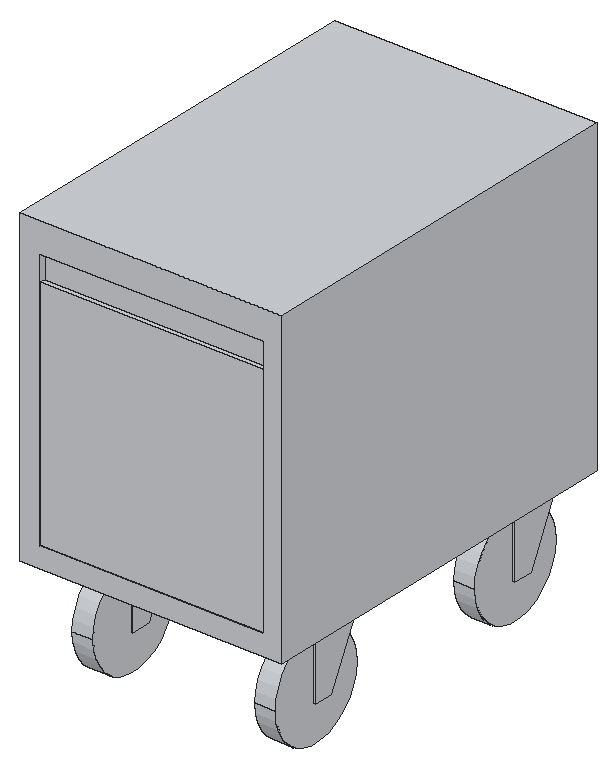
Revit family "Cupboard for 650 on castors", category Specialty Equipment, Revit 2025
Family settings
  Round Connector Dimension = Use Diameter
  Part Type = Normal
  OmniClass Number = 23.40.40.14.17.17
  OmniClass Title = Ranges
  Work Plane-Based = No
  Enable Cutting in Views = No
  Always vertical = Yes
  Cut with Voids When Loaded = No
  Maintain Annotation Orientation = No
  Shared = No
  Room Calculation Point = No
Parameters (values of type "Cupboard for 650 on castors")
  Width = 400 mm
  Weight = ""
  URL Cutsheet = ""
  URL = ""
  Specification by User [instance] = ""
  Specification by Manufacturer = ""
  Serial Number = ""
  Seismic Rating = ""
  SMACNA No = ""
  NAFEM Spec ID Number = ""
  Model = "650 on castors"
  Masterspec = ""
  Manufacturer = "ADVENTYS"
  Item Number [instance] = ""
  Installed By [instance] = ""
  Height = 246.5 mm
  HP = ""
  Furnished By [instance] = ""
  Foodservice Equipment Identifier [instance] = yes
  Description = "Cupboard for 650 on castors"
  Depth = 600 mm
  Default Elevation = 0 mm
  CSI MasterFormat = ""
Reference planes
  plane 1 "BACK": y = 0
  plane 2: z = 0
  plane 3 "LEFT": x = 0
  plane 4 "RIGHT": x = 400
  plane 5 "FRONT": y = -600
  plane 6 "TOP": z = 900
  plane 7: z = 653.5
  plane 8: z = 177.5
  plane 9: z = 77.5
Forms (mm)
  Extrusion 1, solid
    sketch origin (0, 0, 50) x (0, 1, 0) y (0, 0, 1)
      loop
        line (0, 603.5) -> (-600, 603.5) -> (-600, 127.5) -> (0, 127.5) -> (0, 603.5)
    from 0 to 400
  Extrusion 2, void
    sketch origin (0, 0, 0) x (0, 1, 0) y (0, 0, 1)
      loop
        line (-600, 608.5) -> (-600, 208.5) -> (-598.496, 208.5) -> (-598.496, 568.5) -> (-590, 568.5) -> (-590, 608.5) -> (-600, 608.5)
    from 29.298 to 371.9
  Extrusion 3, solid
    sketch origin (0, 42.225, 0) x (0, 1, 0) y (0, 0, 1)
      loop
        circle (-141.432, 77.5) r 77.5
    from 44.906 to 76.329
  Extrusion 4, solid
    sketch origin (0, 0, 0) x (0, 1, 0) y (0, 0, 1)
      loop
        line (-15, 177.5) -> (-105, 177.5) -> (-105, 57.5) -> (-75, 57.5) -> (-15, 177.5)
    from 40.929 to 80.288
  Extrusion 5, solid
    sketch origin (400, 42.225, 0) x (0, 1, 0) y (0, 0, -1)
      loop
        circle (-141.432, -77.5) r 77.5
    from 44.906 to 76.329
  Extrusion 6, solid
    sketch origin (400, 0, 0) x (0, 1, 0) y (0, 0, -1)
      loop
        line (-15, -177.5) -> (-75, -57.5) -> (-105, -57.5) -> (-105, -177.5) -> (-15, -177.5)
    from 40.929 to 80.288
  Extrusion 7, solid
    sketch origin (0, -337.775, 0) x (0, 1, 0) y (0, 0, 1)
      loop
        circle (-141.432, 77.5) r 77.5
    from 44.906 to 76.329
  Extrusion 8, solid
    sketch origin (0, -380, 0) x (0, 1, 0) y (0, 0, 1)
      loop
        line (-15, 177.5) -> (-105, 177.5) -> (-105, 57.5) -> (-75, 57.5) -> (-15, 177.5)
    from 40.929 to 80.288
  Extrusion 9, solid
    sketch origin (400, -337.775, 0) x (0, 1, 0) y (0, 0, -1)
      loop
        circle (-141.432, -77.5) r 77.5
    from 44.906 to 76.329
  Extrusion 10, solid
    sketch origin (400, -380, 0) x (0, 1, 0) y (0, 0, -1)
      loop
        line (-15, -177.5) -> (-75, -57.5) -> (-105, -57.5) -> (-105, -177.5) -> (-15, -177.5)
    from 40.929 to 80.288
Cuts and joins
  Extrusion 2 cuts Extrusion 1
Dimensions and locks
  "Width": plane 4 "RIGHT" to plane 3 "LEFT"
  "Height": plane 7 to plane 6 "TOP"
  "Depth": plane 5 "FRONT" to plane 1 "BACK"
  plane 6 "TOP" to level = 900 mm
  plane 7 to level = 653.5 mm
  plane 8 to level = 177.5 mm
  aligned and locked: level to plane 2
Automatic sketch dimensions
  Extrusion 1 sketch curve to plane 5 "FRONT" = 0 mm
  Extrusion 1 sketch curve to plane 1 "BACK" = 0 mm
  Extrusion 1 sketch curve to plane 8 = 0 mm
  Extrusion 1 sketch curve to plane 7 = 0 mm
  Extrusion 2 sketch curve to plane 5 "FRONT" = 0 mm
  Extrusion 2 sketch curve to plane 5 "FRONT" = 1.504 mm
  Extrusion 2 sketch curve to plane 5 "FRONT" = 10 mm
  plane 8 to Extrusion 2 sketch curve = 31 mm
  Extrusion 2 sketch curve to plane 7 = 85 mm
  Extrusion 2 sketch curve to Extrusion 2 sketch curve = 40 mm
  Extrusion 3 sketch curve to plane 9 = 0 mm
  plane 1 "BACK" to Extrusion 3 sketch curve = 99.207 mm
  Extrusion 4 sketch curve to plane 8 = 0 mm
  plane 1 "BACK" to Extrusion 4 sketch curve = 105 mm
  Extrusion 4 sketch curve to Extrusion 4 sketch curve = 30 mm
  plane 1 "BACK" to Extrusion 4 sketch curve = 15 mm
  Extrusion 4 sketch curve to plane 9 = 20 mm
  Extrusion 5 sketch curve to plane 9 = 0 mm
  plane 1 "BACK" to Extrusion 5 sketch curve = 99.207 mm
  Extrusion 6 sketch curve to plane 8 = 0 mm
  plane 1 "BACK" to Extrusion 6 sketch curve = 105 mm
  Extrusion 6 sketch curve to Extrusion 6 sketch curve = 30 mm
  plane 1 "BACK" to Extrusion 6 sketch curve = 15 mm
  Extrusion 6 sketch curve to plane 9 = 20 mm
  Extrusion 7 sketch curve to plane 9 = 0 mm
  Extrusion 7 sketch curve to plane 5 "FRONT" = 120.793 mm
  Extrusion 8 sketch curve to plane 8 = 0 mm
  Extrusion 8 sketch curve to plane 5 "FRONT" = 115 mm
  Extrusion 8 sketch curve to Extrusion 8 sketch curve = 30 mm
  Extrusion 8 sketch curve to Extrusion 8 sketch curve = 90 mm
  Extrusion 8 sketch curve to plane 9 = 20 mm
  Extrusion 9 sketch curve to plane 9 = 0 mm
  Extrusion 9 sketch curve to plane 5 "FRONT" = 120.793 mm
  Extrusion 10 sketch curve to plane 8 = 0 mm
  Extrusion 10 sketch curve to plane 5 "FRONT" = 115 mm
  Extrusion 10 sketch curve to Extrusion 10 sketch curve = 30 mm
  Extrusion 10 sketch curve to Extrusion 10 sketch curve = 90 mm
  Extrusion 10 sketch curve to plane 9 = 20 mm
  radius of Extrusion 3 sketch curve = 77.5 mm
  radius of Extrusion 5 sketch curve = 77.5 mm
  radius of Extrusion 7 sketch curve = 77.5 mm
  radius of Extrusion 9 sketch curve = 77.5 mm
